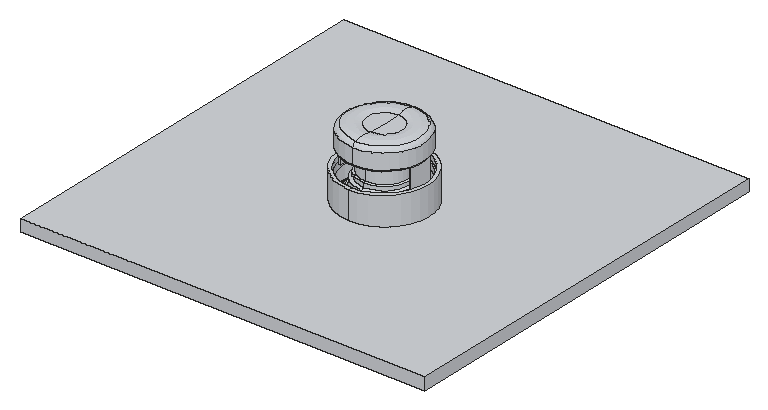
Revit family "Mflux M5", category Lighting Fixtures, Revit 2014
Parameters (values of type "Mflux M5 Fixed")
  Wattage Comments = "45"
  Wattage = 7.1 W
  built-in parameter 1150110 = 1 (stored number, unit not read)
  Type Comments = "Recessed"
  Type = "Mflux M5 Fixed"
  built-in parameter 1114217 = 1 (stored number, unit not read)
  built-in parameter 1150109 = 1 (stored number, unit not read)
  built-in parameter 1150134 = 12
  built-in parameter 1150113 = 1 (stored number, unit not read)
  O/A Diameter (mm) = "146"
  Model = "Mflux M5 Fixed"
  Manufacturer = "Designed Architectural Lighting"
  Luminous flux of luminaire (lm) = "5000 max"
  Lumens = 1001.1 lm
  built-in parameter 1150115 = 1 (stored number, unit not read)
  built-in parameter 1150105 = 79.665 (stored number, unit not read)
  Light Source Symbol Size = 609.6 mm
  built-in parameter 1150137 = (empty or 0)
  built-in parameter 1150139 = (empty or 0)
  built-in parameter 1150112 = 1 (stored number, unit not read)
  built-in parameter 1150114 = 1 (stored number, unit not read)
  Lamp = "LED"
  built-in parameter 1150132 = (empty or 0)
  built-in parameter 1150102 = (empty or 0)
  built-in parameter 1150138 = (empty or 0)
  built-in parameter 1150107 = 4000 (stored number, unit not read)
  built-in parameter 1150106 = 0.79665 (stored number, unit not read)
  Height (mm) = "116"
  built-in parameter 1150104 = 13.099 (stored number, unit not read)
  Dimming Lamp Color Temperature Shift = <None>
  Description = "Recessed LED downlighter"
  Cut Out (mm) = "136"
  Colour temperature (K) = "2700/3000/4000"
  Color Filter = 16777215
  CRI = "90+"
  built-in parameter 1114218 = 1 (stored number, unit not read)
  built-in parameter 1150133 = 10 (stored number, unit not read)
  Apparent Load = 45 VA
  Aperture (mm) = "126"
Reference planes
  plane 1 "Light Source Axis (F/B)": y = 0
  plane 2: z = 0
  plane 3 "Light Source Axis (L/R)": x = 0
  plane 4 "Light Source Elevation": z = 0
Forms (mm)
  Extrusion 1, solid
    sketch origin (-38.915, -66.34, 0) x (1, 0, 0) y (0, 1, 0)
      loop
        line (-261.085, 366.181) -> (-261.085, -233.819) -> (338.915, -233.819) -> (338.915, 366.181) -> (-261.085, 366.181)
      loop
        circle (38.915, 66.181) r 63
    from 0 to 18
  Revolve 2, solid
    sketch origin (0, 0, 0) x (0, 1, 0) y (0, 0, 1)
      loop
        line (72.855, 0) -> (66.148, 0) -> (66.148, 59.097) -> (60.751, 59.097) -> (60.751, 52.449) -> (58.775, 52.449) -> (58.775, 43.237) -> (63.775, 43.237) -> (63.775, 19.077) -> (60.25, 19.077) -> (60.25, 3.015) -> (61.66, 3.015) -> (61.66, -1.985) -> (72.855, -1.985) -> (72.855, 0)
      axis (0, -1.985) -> (0, 59.097)
    angle from 0 to 360
  Revolve 3, solid
    sketch origin (0, 0, 0) x (0, 1, 0) y (0, 0, 1)
      loop
        line (61.66, -1.985) -> (61.66, 3.015) -> (59.382, 3.015) -> (58.98, 3.878) -> (58.728, 18.32) -> (55.407, 18.32) -> (55.407, 9.659) -> (46.719, 23.036) -> (46.719, 32.687) -> (44.307, 32.687) -> (44.307, 28.967) -> (40.536, 28.967) -> (60.636, -1.985) -> (61.66, -1.985)
      axis (0, 32.687) -> (0, -1.985)
    angle from 0 to 360
  Revolve 4, solid
    sketch origin (0, 0, 0) x (0, 1, 0) y (0, 0, 1)
      loop
        line (0, 33.433) -> (42.204, 33.433) -> (41.261, 46.923) -> (37.324, 49.195) -> (37.324, 54.897) -> (34.623, 56.457) -> (34.623, 74.658) -> (25.962, 79.658) -> (25.962, 84.658) -> (0, 84.658) -> (0, 33.433)
      loop
        line (58.536, 88.193) -> (58.536, 111.125)
        arc (58.536, 111.125) -> (55.932, 114.645) -> (52.159, 116.866) r 10.977
        arc (52.159, 116.866) -> (39.129, 119.28) -> (25.962, 117.781) r 44.848
        line (25.962, 117.781) -> (0, 117.781) -> (0, 85.484) -> (56.262, 85.484) -> (58.536, 88.193)
      axis (0, 117.781) -> (0, 33.433)
    angle from 0 to 360
  Extrusion 5, solid
    sketch origin (0, 0, 0) x (0, 1, 0) y (0, 0, 1)
      loop
        line (0, 52.449) -> (17.494, 52.449) -> (17.494, 85.484) -> (-17.506, 85.484) -> (-17.506, 52.449) -> (0, 52.449)
    from 51.292 to 53.481
  Extrusion 6, solid
    sketch origin (0, 0, 0) x (0, 1, 0) y (0, 0, -1)
      loop
        line (0, -52.449) -> (-17.506, -52.449) -> (-17.506, -85.484) -> (17.494, -85.484) -> (17.494, -52.449) -> (0, -52.449)
    from 51.292 to 53.481
Dimensions and locks
  aligned and locked: plane 3 "Light Source Axis (L/R)" to imposter light
  aligned and locked: plane 1 "Light Source Axis (F/B)" to imposter light
  aligned and locked: plane 4 "Light Source Elevation" to imposter light
  aligned and locked: level to plane 2
